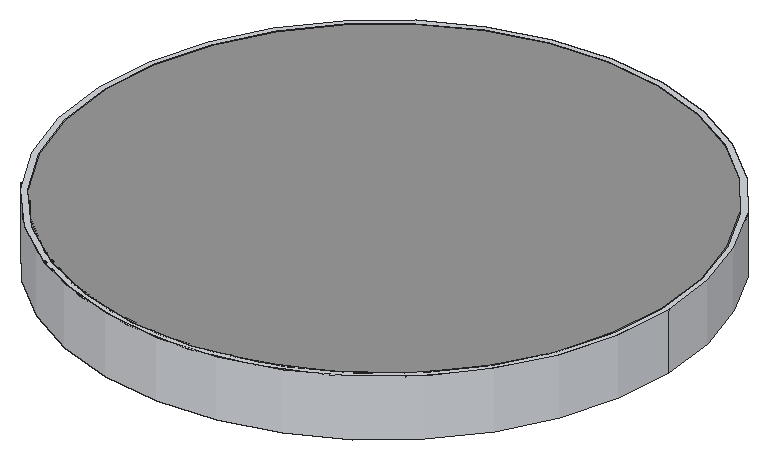
Revit family "2071163", category Lighting Fixtures, host Face, Revit 2018
Family settings
  Host = Face
  Round Connector Dimension = Use Diameter
  Part Type = Normal
  OmniClass Number = 23.80.70.00
  OmniClass Title = Lighting
  Cut with Voids When Loaded = No
  Light Source = Yes
  Shared = No
  Room Calculation Point = No
Parameters (values of type "2071163 COLOSSAL 600 830 OP DIR WHT DALI")
  iner diameter = 588 mm
  Weight = "n/a"
  Wattage Comments = ""
  Wattage = 30 W
  WarrantyStartDate [instance] = "n/a"
  WarrantyGuarantorParts = "n/a"
  WarrantyDurationUnit = "n/a"
  WarrantyDurationParts = ""
  WarrantyDescription = "http://www.sylvania-lighting.com"
  built-in parameter 1150110 = 1 (stored number, unit not read)
  Voltage = 230 V
  URL = "0.99"
  TypeName = "COLOSSAL 600mm 830 OPAL DIR WHITE DALI"
  Type Image = <None>
  Type Comments = "n/a"
  built-in parameter 1114217 = 1 (stored number, unit not read)
  Tilt Angle = -90.00°
  built-in parameter 1150109 = 1 (stored number, unit not read)
  built-in parameter 1150134 = (empty or 0)
  built-in parameter 1150113 = 1 (stored number, unit not read)
  SerialNumber [instance] = "n/a"
  Photometric Web File = "2071163.ies"
  Material_3_SYL = LED-Sylvania
  PowerFactor = 0
  PowerConsumption = "Lighting"
  NominalLength = 600 mm
  NominalHeight = 93 mm
  NominalDepth = 600 mm
  Name = "COLOSSAL 600mm 830 OPAL DIR WHITE DALI"
  ModelReference = Name  # "COLOSSAL 600mm 830 OPAL DIR WHITE DALI"
  ModelNumber = "2071163"
  Model = Name  # "COLOSSAL 600mm 830 OPAL DIR WHITE DALI"
  Material = "Feilo Sylvania"
  ManufacturerName = "127 lm/W"
  Manufacturer = ""
  LuminousEfficacy = ""
  built-in parameter 1150105 = 270.44 (stored number, unit not read)
  Lumens = 3398.4 lm
  LuminaireType = "0"
  built-in parameter 1150115 = 1 (stored number, unit not read)
  LightOutputRatio = "LED"
  built-in parameter 1150137 = (empty or 0)
  built-in parameter 1150139 = (empty or 0)
  LampsType = Lamp  # "n/a"
  LampNominalLuminous = "3000 K"
  LampMacAdamStep = "80"
  LampColourTemperature = "LED"
  LampColourRenderingIndex = "16500"
  built-in parameter 1150112 = 1 (stored number, unit not read)
  built-in parameter 1150114 = 1 (stored number, unit not read)
  Lamp = "n/a"
  Keynote = "n/a"
  InstallationDate [instance] = "n/a"
  InputVoltage = "0"
  InputNominalFrequency = "3000"
  built-in parameter 1150132 = (empty or 0)
  built-in parameter 1150102 = (empty or 0)
  built-in parameter 1150107 = 3000 (stored number, unit not read)
  built-in parameter 1150138 = (empty or 0)
  IngressProtection = "IfcLightFixtureType"
  ImpactProtectionIndex = "IfcLightFixtureType"
  built-in parameter 1150106 = 2.7044 (stored number, unit not read)
  IfcExportType = "IfcLightFixtureType"
  IfcExportAs = "Class I"
  Emit from Circle Diameter = 385 mm
  Emit Shape Visible in Rendering = no
  ElectricShockClassification = "127"
  built-in parameter 1150104 = 10.524 (stored number, unit not read)
  DocumentationLiterature = "http://www.sylvania-lighting.com/product/en-int/products/2071163"
  DimmingControlOptions = "n/a"
  Material_2_SYL = Polycarbonate_Sylvania_White
  Dimming Lamp Color Temperature Shift = <None>
  Description = "600mm diameter circular architectural luminaire, can be surface mounted or suspended. Powder coated aluminium housing (RAL9016) with polycarbonate opal diffuser. Direct light distribution, 5075lm luminuous flux, 40.1W system power, 127lm/W luminiaire efficacy. DALI dimmable. Colour rendering index Ra >80, 3000K Warm White LED, chromaticity tolerance of 3-step MacAdam ellipse. IP40, IK03. 450mA drive current. Electrical protection Class1, 220-240V. Reported lifetime 66k hours L90B10."
  Default Elevation = 1219.2 mm
  CreatedOn = "23/03/2022"
  CreatedBy = "@sylvania-lighting.com"
  Cost = 0
  Color Filter = 16777215
  built-in parameter 1114216 [instance] = (empty or 0)
  ClassificationValue = "EF_70_80"
  ClassificationName = "Uniclass2015"
  Material_1_SYL = Polycarbonate_Sylvania_Opal
  BarCode [instance] = "n/a"
  built-in parameter 1114218 = 1 (stored number, unit not read)
  built-in parameter 1150133 = 10 (stored number, unit not read)
  AssetType = "Fixed"
  AssetIdentifier [instance] = "n/a"
  Assembly Code = "D5020200"
  Apparent Load = 40.1 VA
  Material_4_SYL = none
Reference planes
  plane 1 "Center (Front/Back)": y = 0
  plane 2: z = 0
  plane 3 "Center (Left/Right)": x = 0
  plane 4: x = -300
  plane 5: x = 300
  plane 6: y = 300
  plane 7: y = -300
  plane 8: y = 212
  plane 9: y = -212
  plane 10: z = 93
  plane 11: y = 294
  plane 12: y = -294
  plane 13: through (0, 0, 1219.2) normal (0.5, -0.866, 0)
  plane 14: through (-134.29, 20.617, 1219.2) normal (0.5, -0.866, 0)
  plane 15: through (-144.685, -181.683, 1219.2) normal (-0.5, 0.866, 0)
  plane 16: through (0, 0, 1219.2) normal (0.5, 0.866, 0)
  plane 17: through (178.555, -4.939, 1219.2) normal (0.5, 0.866, 0)
  plane 18: through (87.581, -148.715, 1219.2) normal (0.5, 0.866, 0)
  plane 19: y = 272
  plane 20: through (105.168, 227.067, 1219.2) normal (0.866, 0.5, 0)
  plane 21: through (-104.171, 225.672, 1219.2) normal (0.8572, -0.515, 0)
  plane 22: y = -204.612
  plane 23: through (-296.643, -30.2, 1219.2) normal (0.866, 0.5, 0)
  plane 24: through (153.092, -278.837, 1219.2) normal (-0.866, 0.5, 0)
Forms (mm)
  Extrusion 1, solid, detail levels medium+fine
    sketch origin (0, 0, 0) x (1, 0, 0) y (0, 1, 0)
      loop
        circle (0, 0) r 300
    from 33.023 to 93
  Extrusion 2, void
    sketch origin (0, 0, 0) x (1, 0, 0) y (0, 1, 0)
      loop
        circle (0, 0) r 294
    from 93 to 37.292
  Extrusion 3, solid, material "Glass, White, High Luminance", detail levels fine
    sketch origin (0, 0, 0) x (1, 0, 0) y (0, 1, 0)
      loop
        circle (0, 0) r 294
    from 88.026 to 93
  Extrusion 4, solid, detail levels coarse
    sketch origin (0, 0, 0) x (1, 0, 0) y (0, 1, 0)
      loop
        line (-300, 300) -> (-300, -300) -> (300, -300) -> (300, 300) -> (-300, 300)
    from 0 to 93
  Blend 5, solid, detail levels medium+fine
    base sketch origin (0, 0, 0) x (1, 0, 0) y (0, 1, 0)
      loop
        line (-76.334, 272) -> (-277.665, -63.07) -> (-195.946, -204.612) -> (195.946, -204.612) -> (275.172, -67.388) -> (79.226, 272) -> (-76.334, 272)
    top sketch origin (0, 0, 0) x (1, 0, 0) y (0, 1, 0)
      loop
        line (-226.097, -32.388) -> (-141.097, -179.612) -> (141.097, -179.612) -> (226.097, -32.388) -> (85, 212) -> (-85, 212) -> (-226.097, -32.388)
    from 33.023 to 0
Cuts and joins
  Extrusion 2 cuts Extrusion 1
Lines and regions (mm)
  model lines
    curve 1: line (-85, 212, 0) -> (0, 212, 0)
    curve 2: line (0, 212, 0) -> (85, 212, 0)
Dimensions and locks
  "NominalDepth": plane 6 to plane 7
  "NominalLength": plane 4 to plane 5
  equal spacing: plane 4, plane 3 "Center (Left/Right)", plane 5
  "iner diameter": plane 11 to plane 12
  equal spacing: plane 11, plane 1 "Center (Front/Back)", plane 12
  equal spacing: plane 6, plane 1 "Center (Front/Back)", plane 7
  "NominalHeight": plane 10 to level
  radius of Extrusion 2 sketch curve = 294 mm
  aligned and locked: plane 2 to host face
  aligned and locked: level to host face
Automatic sketch dimensions
  host sketch curve to host sketch curve = 2438.4 mm  (x2)
  plane 1 "Center (Front/Back)" to Extrusion 1 sketch curve = 0 mm
  Extrusion 1 sketch curve to plane 3 "Center (Left/Right)" = 0 mm
  plane 1 "Center (Front/Back)" to Extrusion 2 sketch curve = 0 mm
  Extrusion 2 sketch curve to plane 3 "Center (Left/Right)" = 0 mm
  plane 1 "Center (Front/Back)" to Extrusion 3 sketch curve = 0 mm
  Extrusion 3 sketch curve to plane 3 "Center (Left/Right)" = 0 mm
  Extrusion 4 sketch curve to plane 4 = 0 mm
  Extrusion 4 sketch curve to plane 5 = 0 mm
  Extrusion 4 sketch curve to plane 7 = 0 mm
  Extrusion 4 sketch curve to plane 6 = 0 mm
  Blend 5 sketch curve to plane 8 = 0 mm
  Blend 5 sketch curve to plane 3 "Center (Left/Right)" = 85 mm
  plane 3 "Center (Left/Right)" to Blend 5 sketch curve = 85 mm
  plane 9 to Blend 5 sketch curve = 32.388 mm
  plane 3 "Center (Left/Right)" to Blend 5 sketch curve = 141.097 mm
  plane 1 "Center (Front/Back)" to Blend 5 sketch curve = 32.388 mm  (x2)
  Blend 5 sketch curve to plane 5 = 73.903 mm
  Blend 5 sketch curve to plane 3 "Center (Left/Right)" = 141.097 mm
  plane 4 to Blend 5 sketch curve = 73.903 mm
  curve 1 to plane 8 = 0 mm
  curve 2 to plane 3 "Center (Left/Right)" = 0 mm
  curve 1 to plane 3 "Center (Left/Right)" = 85 mm
  curve 1 to curve 2 = 85 mm
  Blend 5 sketch curve to plane 21 = 0 mm
  Blend 5 sketch curve to plane 23 = 0 mm  (x2)
  Blend 5 sketch curve to plane 22 = 0 mm
  Blend 5 sketch curve to plane 19 = 0 mm
  plane 21 to Blend 5 sketch curve = 0 mm
  Blend 5 sketch curve to plane 20 = 0 mm  (x2)
  Blend 5 sketch curve to plane 24 = 0 mm  (x2)
  radius of Extrusion 1 sketch curve = 300 mm
  radius of Extrusion 3 sketch curve = 294 mm
Connectors
  electrical at (0, 0, 0), driven by "Apparent Load", driven by "PowerFactor", driven by "Voltage"
    settings: index 1, voltage 230 V, apparent load 40.1 VA, apparent load phase1 0 VA, apparent load phase2 0 VA, apparent load phase3 0 VA, power factor 0, load classification "Lighting", number of poles 1, system type 30, power factor state 1, is connector primary yes, connector utility no, sub classification motor no, connector description ""
